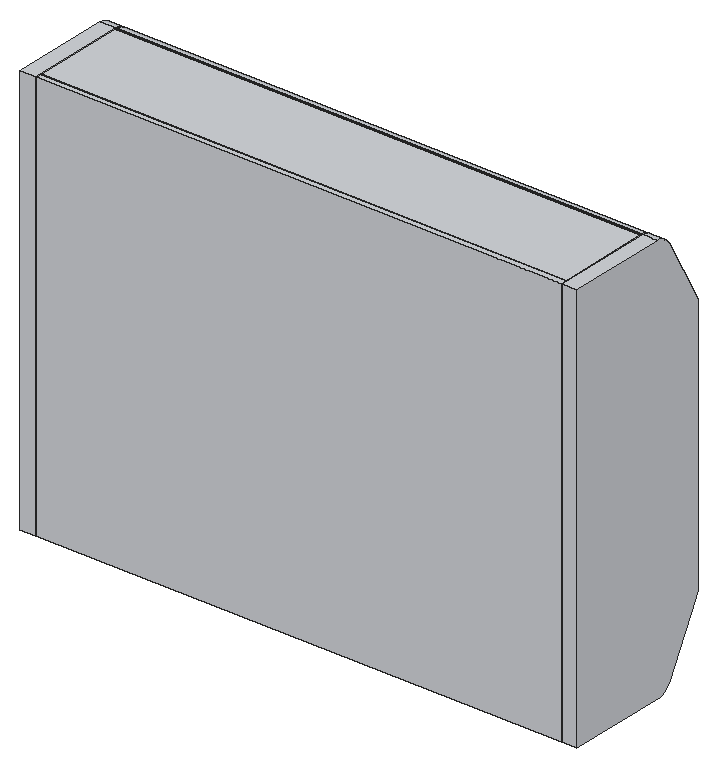
Revit family "Caspian UV 90 Mk1", category Mechanical Equipment, host Wall, Revit 2015
Reference planes
  plane 1 "Wall": y = 0
  plane 2 "Center (Left/Right)": x = 0
  plane 3 "Back": y = 75
Forms (mm)
  Sweep 1, solid
    path origin (150, 0, 0) x (1, 0, 0) y (0, 1, 0)
      loop
        line (272.5, 75) -> (-572.5, 75)
    profile origin (0, 75, 0) x (0, -1, 0) y (0, 0, 1)
      loop
        arc (-183.157, 12.796) -> (-173.985, 3.435) -> (-161.338, 0) r 25
        line (-161.338, 0) -> (-159, 0) -> (-159, 10) -> (-10, 10) -> (-10, 0) -> (0, 0) -> (0, 660) -> (-10, 660) -> (-10, 650) -> (-159, 650) -> (-159, 660) -> (-161.338, 660)
        arc (-161.338, 660) -> (-173.985, 656.565) -> (-183.157, 647.204) r 25
        line (-183.157, 647.204) -> (-238.819, 547.687)
        arc (-238.819, 547.687) -> (-241.192, 541.789) -> (-242, 535.484) r 25
        line (-242, 535.484) -> (-232, 535.484) -> (-232, 124.516) -> (-242, 124.516)
        arc (-242, 124.516) -> (-241.192, 118.211) -> (-238.819, 112.313) r 25
        line (-238.819, 112.313) -> (-183.157, 12.796)
  Extrusion 2, solid
    sketch origin (150, -20.181, 22.926) x (1, 0, 0) y (0, 1, 0)
      loop
        circle (252.5, 161.181) r 7.5
    from 251.074 to 317.074
  Extrusion 3, solid
    sketch origin (150, 89.819, 22.926) x (1, 0, 0) y (0, 1, 0)
      loop
        circle (252.5, 161.181) r 7.5
    from 251.074 to 317.074
  Sweep 4, solid
    path origin (435, 0, 0) x (-1, 0, 0) y (0, -1, 0)
      loop
        line (12.5, -75) -> (-12.5, -75)
    profile origin (435, 75, 0) x (0, 1, 0) y (0, 0, 1)
      loop
        line (0, 0) -> (161.338, 0)
        arc (161.338, 0) -> (173.985, 3.435) -> (183.157, 12.796) r 25
        line (183.157, 12.796) -> (238.819, 112.313)
        arc (238.819, 112.313) -> (241.192, 118.211) -> (242, 124.516) r 25
        line (242, 124.516) -> (242, 535.484)
        arc (242, 535.484) -> (241.192, 541.789) -> (238.819, 547.687) r 25
        line (238.819, 547.687) -> (183.157, 647.204)
        arc (183.157, 647.204) -> (173.985, 656.565) -> (161.338, 660) r 25
        line (161.338, 660) -> (0, 660) -> (0, 0)
  Sweep 5, solid
    path origin (150, 0, -9.273) x (1, 0, 0) y (0, 1, 0)
      loop
        line (272.5, 75) -> (-572.5, 75)
    profile origin (0, 75, -9.273) x (0, -1, 0) y (0, 0, 1)
      loop
        line (-242, 516.273) -> (-242, 162.273) -> (-232, 162.273) -> (-232, 516.273) -> (-242, 516.273)
  Sweep 6, solid
    path origin (150, 591.273, 343) x (1, 0, 0) y (0, 0, 1)
      loop
        line (272.5, 75) -> (-572.5, 75)
    profile origin (0, 591.273, 418) x (0, 0, -1) y (0, -1, 0)
      loop
        line (-242, 506.273) -> (-242, 357.273) -> (-232, 357.273) -> (-232, 506.273) -> (-242, 506.273)
  Sweep 7, solid
    path origin (150, 591.273, -307) x (1, 0, 0) y (0, 0, 1)
      loop
        line (272.5, 75) -> (-572.5, 75)
    profile origin (0, 591.273, -232) x (0, 0, -1) y (0, -1, 0)
      loop
        line (-242, 506.273) -> (-242, 357.273) -> (-232, 357.273) -> (-232, 506.273) -> (-242, 506.273)
  Sweep 8, solid
    path origin (150, 0, 19.21) x (1, 0, 0) y (0, 1, 0)
      loop
        line (272.5, 75) -> (-572.5, 75)
    profile origin (0, 75, 19.21) x (0, -1, 0) y (0, 0, 1)
      loop
        line (-242, 516.273) -> (-242, 487.79) -> (-232, 487.79) -> (-232, 516.273) -> (-242, 516.273)
  Sweep 9, solid
    path origin (150, 0, -363.273) x (1, 0, 0) y (0, 1, 0)
      loop
        line (272.5, 75) -> (-572.5, 75)
    profile origin (0, 75, -363.273) x (0, -1, 0) y (0, 0, 1)
      loop
        line (-242, 516.273) -> (-242, 487.79) -> (-232, 487.79) -> (-232, 516.273) -> (-242, 516.273)
  Extrusion 10, solid
    sketch origin (143.75, 0, 0) x (0, 1, 0) y (0, 0, 1)
      loop
        line (310.877, 552.946) -> (263.621, 637.435) -> (261.439, 636.214) -> (308.696, 551.726) -> (310.877, 552.946)
    from 247.5 to 250
  Extrusion 11, solid
    sketch origin (138.75, 0, 0) x (0, 1, 0) y (0, 0, 1)
      loop
        line (310.877, 552.946) -> (263.621, 637.435) -> (261.439, 636.214) -> (308.696, 551.726) -> (310.877, 552.946)
    from 247.5 to 250
  Extrusion 12, solid
    sketch origin (133.75, 0, 0) x (0, 1, 0) y (0, 0, 1)
      loop
        line (310.877, 552.946) -> (263.621, 637.435) -> (261.439, 636.214) -> (308.696, 551.726) -> (310.877, 552.946)
    from 247.5 to 250
  Extrusion 13, solid
    sketch origin (128.75, 0, 0) x (0, 1, 0) y (0, 0, 1)
      loop
        line (310.877, 552.946) -> (263.621, 637.435) -> (261.439, 636.214) -> (308.696, 551.726) -> (310.877, 552.946)
    from 247.5 to 250
  Extrusion 14, solid
    sketch origin (123.75, 0, 0) x (0, 1, 0) y (0, 0, 1)
      loop
        line (310.877, 552.946) -> (263.621, 637.435) -> (261.439, 636.214) -> (308.696, 551.726) -> (310.877, 552.946)
    from 247.5 to 250
  Extrusion 15, solid
    sketch origin (118.75, 0, 0) x (0, 1, 0) y (0, 0, 1)
      loop
        line (310.877, 552.946) -> (263.621, 637.435) -> (261.439, 636.214) -> (308.696, 551.726) -> (310.877, 552.946)
    from 247.5 to 250
  Extrusion 16, solid
    sketch origin (113.75, 0, 0) x (0, 1, 0) y (0, 0, 1)
      loop
        line (310.877, 552.946) -> (263.621, 637.435) -> (261.439, 636.214) -> (308.696, 551.726) -> (310.877, 552.946)
    from 247.5 to 250
  Extrusion 17, solid
    sketch origin (108.75, 0, 0) x (0, 1, 0) y (0, 0, 1)
      loop
        line (310.877, 552.946) -> (263.621, 637.435) -> (261.439, 636.214) -> (308.696, 551.726) -> (310.877, 552.946)
    from 247.5 to 250
  Extrusion 18, solid
    sketch origin (103.75, 0, 0) x (0, 1, 0) y (0, 0, 1)
      loop
        line (310.877, 552.946) -> (263.621, 637.435) -> (261.439, 636.214) -> (308.696, 551.726) -> (310.877, 552.946)
    from 247.5 to 250
  Extrusion 19, solid
    sketch origin (98.75, 0, 0) x (0, 1, 0) y (0, 0, 1)
      loop
        line (310.877, 552.946) -> (263.621, 637.435) -> (261.439, 636.214) -> (308.696, 551.726) -> (310.877, 552.946)
    from 247.5 to 250
  Extrusion 20, solid
    sketch origin (93.75, 0, 0) x (0, 1, 0) y (0, 0, 1)
      loop
        line (310.877, 552.946) -> (263.621, 637.435) -> (261.439, 636.214) -> (308.696, 551.726) -> (310.877, 552.946)
    from 247.5 to 250
  Extrusion 21, solid
    sketch origin (88.75, 0, 0) x (0, 1, 0) y (0, 0, 1)
      loop
        line (310.877, 552.946) -> (263.621, 637.435) -> (261.439, 636.214) -> (308.696, 551.726) -> (310.877, 552.946)
    from 247.5 to 250
  Extrusion 22, solid
    sketch origin (83.75, 0, 0) x (0, 1, 0) y (0, 0, 1)
      loop
        line (310.877, 552.946) -> (263.621, 637.435) -> (261.439, 636.214) -> (308.696, 551.726) -> (310.877, 552.946)
    from 247.5 to 250
  Extrusion 23, solid
    sketch origin (78.75, 0, 0) x (0, 1, 0) y (0, 0, 1)
      loop
        line (310.877, 552.946) -> (263.621, 637.435) -> (261.439, 636.214) -> (308.696, 551.726) -> (310.877, 552.946)
    from 247.5 to 250
  Extrusion 24, solid
    sketch origin (73.75, 0, 0) x (0, 1, 0) y (0, 0, 1)
      loop
        line (310.877, 552.946) -> (263.621, 637.435) -> (261.439, 636.214) -> (308.696, 551.726) -> (310.877, 552.946)
    from 247.5 to 250
  Extrusion 25, solid
    sketch origin (68.75, 0, 0) x (0, 1, 0) y (0, 0, 1)
      loop
        line (310.877, 552.946) -> (263.621, 637.435) -> (261.439, 636.214) -> (308.696, 551.726) -> (310.877, 552.946)
    from 247.5 to 250
  Extrusion 26, solid
    sketch origin (63.75, 0, 0) x (0, 1, 0) y (0, 0, 1)
      loop
        line (310.877, 552.946) -> (263.621, 637.435) -> (261.439, 636.214) -> (308.696, 551.726) -> (310.877, 552.946)
    from 247.5 to 250
  Extrusion 27, solid
    sketch origin (58.75, 0, 0) x (0, 1, 0) y (0, 0, 1)
      loop
        line (310.877, 552.946) -> (263.621, 637.435) -> (261.439, 636.214) -> (308.696, 551.726) -> (310.877, 552.946)
    from 247.5 to 250
  Extrusion 28, solid
    sketch origin (53.75, 0, 0) x (0, 1, 0) y (0, 0, 1)
      loop
        line (310.877, 552.946) -> (263.621, 637.435) -> (261.439, 636.214) -> (308.696, 551.726) -> (310.877, 552.946)
    from 247.5 to 250
  Extrusion 29, solid
    sketch origin (48.75, 0, 0) x (0, 1, 0) y (0, 0, 1)
      loop
        line (310.877, 552.946) -> (263.621, 637.435) -> (261.439, 636.214) -> (308.696, 551.726) -> (310.877, 552.946)
    from 247.5 to 250
  Extrusion 30, solid
    sketch origin (43.75, 0, 0) x (0, 1, 0) y (0, 0, 1)
      loop
        line (310.877, 552.946) -> (263.621, 637.435) -> (261.439, 636.214) -> (308.696, 551.726) -> (310.877, 552.946)
    from 247.5 to 250
  Extrusion 31, solid
    sketch origin (38.75, 0, 0) x (0, 1, 0) y (0, 0, 1)
      loop
        line (310.877, 552.946) -> (263.621, 637.435) -> (261.439, 636.214) -> (308.696, 551.726) -> (310.877, 552.946)
    from 247.5 to 250
  Extrusion 32, solid
    sketch origin (33.75, 0, 0) x (0, 1, 0) y (0, 0, 1)
      loop
        line (310.877, 552.946) -> (263.621, 637.435) -> (261.439, 636.214) -> (308.696, 551.726) -> (310.877, 552.946)
    from 247.5 to 250
  Extrusion 33, solid
    sketch origin (28.75, 0, 0) x (0, 1, 0) y (0, 0, 1)
      loop
        line (310.877, 552.946) -> (263.621, 637.435) -> (261.439, 636.214) -> (308.696, 551.726) -> (310.877, 552.946)
    from 247.5 to 250
  Extrusion 34, solid
    sketch origin (23.75, 0, 0) x (0, 1, 0) y (0, 0, 1)
      loop
        line (310.877, 552.946) -> (263.621, 637.435) -> (261.439, 636.214) -> (308.696, 551.726) -> (310.877, 552.946)
    from 247.5 to 250
  Extrusion 35, solid
    sketch origin (18.75, 0, 0) x (0, 1, 0) y (0, 0, 1)
      loop
        line (310.877, 552.946) -> (263.621, 637.435) -> (261.439, 636.214) -> (308.696, 551.726) -> (310.877, 552.946)
    from 247.5 to 250
  Extrusion 36, solid
    sketch origin (13.75, 0, 0) x (0, 1, 0) y (0, 0, 1)
      loop
        line (310.877, 552.946) -> (263.621, 637.435) -> (261.439, 636.214) -> (308.696, 551.726) -> (310.877, 552.946)
    from 247.5 to 250
  Extrusion 37, solid
    sketch origin (8.75, 0, 0) x (0, 1, 0) y (0, 0, 1)
      loop
        line (310.877, 552.946) -> (263.621, 637.435) -> (261.439, 636.214) -> (308.696, 551.726) -> (310.877, 552.946)
    from 247.5 to 250
  Extrusion 38, solid
    sketch origin (3.75, 0, 0) x (0, 1, 0) y (0, 0, 1)
      loop
        line (310.877, 552.946) -> (263.621, 637.435) -> (261.439, 636.214) -> (308.696, 551.726) -> (310.877, 552.946)
    from 247.5 to 250
  Extrusion 39, solid
    sketch origin (-1.25, 0, 0) x (0, 1, 0) y (0, 0, 1)
      loop
        line (310.877, 552.946) -> (263.621, 637.435) -> (261.439, 636.214) -> (308.696, 551.726) -> (310.877, 552.946)
    from 247.5 to 250
  Extrusion 40, solid
    sketch origin (-6.25, 0, 0) x (0, 1, 0) y (0, 0, 1)
      loop
        line (310.877, 552.946) -> (263.621, 637.435) -> (261.439, 636.214) -> (308.696, 551.726) -> (310.877, 552.946)
    from 247.5 to 250
  Extrusion 41, solid
    sketch origin (-11.25, 0, 0) x (0, 1, 0) y (0, 0, 1)
      loop
        line (310.877, 552.946) -> (263.621, 637.435) -> (261.439, 636.214) -> (308.696, 551.726) -> (310.877, 552.946)
    from 247.5 to 250
  Extrusion 42, solid
    sketch origin (-16.25, 0, 0) x (0, 1, 0) y (0, 0, 1)
      loop
        line (310.877, 552.946) -> (263.621, 637.435) -> (261.439, 636.214) -> (308.696, 551.726) -> (310.877, 552.946)
    from 247.5 to 250
  Extrusion 43, solid
    sketch origin (-21.25, 0, 0) x (0, 1, 0) y (0, 0, 1)
      loop
        line (310.877, 552.946) -> (263.621, 637.435) -> (261.439, 636.214) -> (308.696, 551.726) -> (310.877, 552.946)
    from 247.5 to 250
  Extrusion 44, solid
    sketch origin (-26.25, 0, 0) x (0, 1, 0) y (0, 0, 1)
      loop
        line (310.877, 552.946) -> (263.621, 637.435) -> (261.439, 636.214) -> (308.696, 551.726) -> (310.877, 552.946)
    from 247.5 to 250
  Extrusion 45, solid
    sketch origin (-31.25, 0, 0) x (0, 1, 0) y (0, 0, 1)
      loop
        line (310.877, 552.946) -> (263.621, 637.435) -> (261.439, 636.214) -> (308.696, 551.726) -> (310.877, 552.946)
    from 247.5 to 250
  Extrusion 46, solid
    sketch origin (-36.25, 0, 0) x (0, 1, 0) y (0, 0, 1)
      loop
        line (310.877, 552.946) -> (263.621, 637.435) -> (261.439, 636.214) -> (308.696, 551.726) -> (310.877, 552.946)
    from 247.5 to 250
  Extrusion 47, solid
    sketch origin (-41.25, 0, 0) x (0, 1, 0) y (0, 0, 1)
      loop
        line (310.877, 552.946) -> (263.621, 637.435) -> (261.439, 636.214) -> (308.696, 551.726) -> (310.877, 552.946)
    from 247.5 to 250
  Extrusion 48, solid
    sketch origin (-46.25, 0, 0) x (0, 1, 0) y (0, 0, 1)
      loop
        line (310.877, 552.946) -> (263.621, 637.435) -> (261.439, 636.214) -> (308.696, 551.726) -> (310.877, 552.946)
    from 247.5 to 250
  Extrusion 49, solid
    sketch origin (-51.25, 0, 0) x (0, 1, 0) y (0, 0, 1)
      loop
        line (310.877, 552.946) -> (263.621, 637.435) -> (261.439, 636.214) -> (308.696, 551.726) -> (310.877, 552.946)
    from 247.5 to 250
  Extrusion 50, solid
    sketch origin (-56.25, 0, 0) x (0, 1, 0) y (0, 0, 1)
      loop
        line (310.877, 552.946) -> (263.621, 637.435) -> (261.439, 636.214) -> (308.696, 551.726) -> (310.877, 552.946)
    from 247.5 to 250
  Extrusion 51, solid
    sketch origin (-61.25, 0, 0) x (0, 1, 0) y (0, 0, 1)
      loop
        line (310.877, 552.946) -> (263.621, 637.435) -> (261.439, 636.214) -> (308.696, 551.726) -> (310.877, 552.946)
    from 247.5 to 250
  Extrusion 52, solid
    sketch origin (-66.25, 0, 0) x (0, 1, 0) y (0, 0, 1)
      loop
        line (310.877, 552.946) -> (263.621, 637.435) -> (261.439, 636.214) -> (308.696, 551.726) -> (310.877, 552.946)
    from 247.5 to 250
  Extrusion 53, solid
    sketch origin (-71.25, 0, 0) x (0, 1, 0) y (0, 0, 1)
      loop
        line (310.877, 552.946) -> (263.621, 637.435) -> (261.439, 636.214) -> (308.696, 551.726) -> (310.877, 552.946)
    from 247.5 to 250
  Extrusion 54, solid
    sketch origin (-76.25, 0, 0) x (0, 1, 0) y (0, 0, 1)
      loop
        line (310.877, 552.946) -> (263.621, 637.435) -> (261.439, 636.214) -> (308.696, 551.726) -> (310.877, 552.946)
    from 247.5 to 250
  Extrusion 55, solid
    sketch origin (-81.25, 0, 0) x (0, 1, 0) y (0, 0, 1)
      loop
        line (310.877, 552.946) -> (263.621, 637.435) -> (261.439, 636.214) -> (308.696, 551.726) -> (310.877, 552.946)
    from 247.5 to 250
  Extrusion 56, solid
    sketch origin (-86.25, 0, 0) x (0, 1, 0) y (0, 0, 1)
      loop
        line (310.877, 552.946) -> (263.621, 637.435) -> (261.439, 636.214) -> (308.696, 551.726) -> (310.877, 552.946)
    from 247.5 to 250
  Extrusion 57, solid
    sketch origin (-91.231, 0.436, 0) x (0, 1, 0) y (0, 0, 1)
      loop
        line (310.877, 552.946) -> (263.621, 637.435) -> (261.439, 636.214) -> (308.696, 551.726) -> (310.877, 552.946)
    from 247.5 to 250
  Extrusion 58, solid
    sketch origin (-96.231, 0.436, 0) x (0, 1, 0) y (0, 0, 1)
      loop
        line (310.877, 552.946) -> (263.621, 637.435) -> (261.439, 636.214) -> (308.696, 551.726) -> (310.877, 552.946)
    from 247.5 to 250
  Extrusion 59, solid
    sketch origin (-101.231, 0.436, 0) x (0, 1, 0) y (0, 0, 1)
      loop
        line (310.877, 552.946) -> (263.621, 637.435) -> (261.439, 636.214) -> (308.696, 551.726) -> (310.877, 552.946)
    from 247.5 to 250
  Extrusion 60, solid
    sketch origin (-106.231, 0.436, 0) x (0, 1, 0) y (0, 0, 1)
      loop
        line (310.877, 552.946) -> (263.621, 637.435) -> (261.439, 636.214) -> (308.696, 551.726) -> (310.877, 552.946)
    from 247.5 to 250
  Extrusion 61, solid
    sketch origin (-111.231, 0.436, 0) x (0, 1, 0) y (0, 0, 1)
      loop
        line (310.877, 552.946) -> (263.621, 637.435) -> (261.439, 636.214) -> (308.696, 551.726) -> (310.877, 552.946)
    from 247.5 to 250
  Extrusion 62, solid
    sketch origin (-116.231, 0.436, 0) x (0, 1, 0) y (0, 0, 1)
      loop
        line (310.877, 552.946) -> (263.621, 637.435) -> (261.439, 636.214) -> (308.696, 551.726) -> (310.877, 552.946)
    from 247.5 to 250
  Extrusion 63, solid
    sketch origin (-121.231, 0.436, 0) x (0, 1, 0) y (0, 0, 1)
      loop
        line (310.877, 552.946) -> (263.621, 637.435) -> (261.439, 636.214) -> (308.696, 551.726) -> (310.877, 552.946)
    from 247.5 to 250
  Extrusion 64, solid
    sketch origin (-126.231, 0.436, 0) x (0, 1, 0) y (0, 0, 1)
      loop
        line (310.877, 552.946) -> (263.621, 637.435) -> (261.439, 636.214) -> (308.696, 551.726) -> (310.877, 552.946)
    from 247.5 to 250
  Extrusion 65, solid
    sketch origin (-131.231, 0.436, 0) x (0, 1, 0) y (0, 0, 1)
      loop
        line (310.877, 552.946) -> (263.621, 637.435) -> (261.439, 636.214) -> (308.696, 551.726) -> (310.877, 552.946)
    from 247.5 to 250
  Extrusion 66, solid
    sketch origin (-136.231, 0.436, 0) x (0, 1, 0) y (0, 0, 1)
      loop
        line (310.877, 552.946) -> (263.621, 637.435) -> (261.439, 636.214) -> (308.696, 551.726) -> (310.877, 552.946)
    from 247.5 to 250
  Extrusion 67, solid
    sketch origin (-141.231, 0.436, 0) x (0, 1, 0) y (0, 0, 1)
      loop
        line (310.877, 552.946) -> (263.621, 637.435) -> (261.439, 636.214) -> (308.696, 551.726) -> (310.877, 552.946)
    from 247.5 to 250
  Extrusion 68, solid
    sketch origin (-146.231, 0.436, 0) x (0, 1, 0) y (0, 0, 1)
      loop
        line (310.877, 552.946) -> (263.621, 637.435) -> (261.439, 636.214) -> (308.696, 551.726) -> (310.877, 552.946)
    from 247.5 to 250
  Extrusion 69, solid
    sketch origin (-151.231, 0.436, 0) x (0, 1, 0) y (0, 0, 1)
      loop
        line (310.877, 552.946) -> (263.621, 637.435) -> (261.439, 636.214) -> (308.696, 551.726) -> (310.877, 552.946)
    from 247.5 to 250
  Extrusion 70, solid
    sketch origin (-156.231, 0.436, 0) x (0, 1, 0) y (0, 0, 1)
      loop
        line (310.877, 552.946) -> (263.621, 637.435) -> (261.439, 636.214) -> (308.696, 551.726) -> (310.877, 552.946)
    from 247.5 to 250
  Extrusion 71, solid
    sketch origin (-161.231, 0.436, 0) x (0, 1, 0) y (0, 0, 1)
      loop
        line (310.877, 552.946) -> (263.621, 637.435) -> (261.439, 636.214) -> (308.696, 551.726) -> (310.877, 552.946)
    from 247.5 to 250
  Extrusion 72, solid
    sketch origin (-166.231, 0.436, 0) x (0, 1, 0) y (0, 0, 1)
      loop
        line (310.877, 552.946) -> (263.621, 637.435) -> (261.439, 636.214) -> (308.696, 551.726) -> (310.877, 552.946)
    from 247.5 to 250
  Extrusion 73, solid
    sketch origin (-171.231, 0.436, 0) x (0, 1, 0) y (0, 0, 1)
      loop
        line (310.877, 552.946) -> (263.621, 637.435) -> (261.439, 636.214) -> (308.696, 551.726) -> (310.877, 552.946)
    from 247.5 to 250
  Extrusion 74, solid
    sketch origin (-176.231, 0.436, 0) x (0, 1, 0) y (0, 0, 1)
      loop
        line (310.877, 552.946) -> (263.621, 637.435) -> (261.439, 636.214) -> (308.696, 551.726) -> (310.877, 552.946)
    from 247.5 to 250
  Extrusion 75, solid
    sketch origin (-181.231, 0.436, 0) x (0, 1, 0) y (0, 0, 1)
      loop
        line (310.877, 552.946) -> (263.621, 637.435) -> (261.439, 636.214) -> (308.696, 551.726) -> (310.877, 552.946)
    from 247.5 to 250
  Extrusion 76, solid
    sketch origin (-186.231, 0.436, 0) x (0, 1, 0) y (0, 0, 1)
      loop
        line (310.877, 552.946) -> (263.621, 637.435) -> (261.439, 636.214) -> (308.696, 551.726) -> (310.877, 552.946)
    from 247.5 to 250
  Extrusion 77, solid
    sketch origin (-191.231, 0.436, 0) x (0, 1, 0) y (0, 0, 1)
      loop
        line (310.877, 552.946) -> (263.621, 637.435) -> (261.439, 636.214) -> (308.696, 551.726) -> (310.877, 552.946)
    from 247.5 to 250
  Extrusion 78, solid
    sketch origin (-196.231, 0.436, 0) x (0, 1, 0) y (0, 0, 1)
      loop
        line (310.877, 552.946) -> (263.621, 637.435) -> (261.439, 636.214) -> (308.696, 551.726) -> (310.877, 552.946)
    from 247.5 to 250
  Extrusion 79, solid
    sketch origin (-201.231, 0.436, 0) x (0, 1, 0) y (0, 0, 1)
      loop
        line (310.877, 552.946) -> (263.621, 637.435) -> (261.439, 636.214) -> (308.696, 551.726) -> (310.877, 552.946)
    from 247.5 to 250
  Extrusion 80, solid
    sketch origin (-206.231, 0.436, 0) x (0, 1, 0) y (0, 0, 1)
      loop
        line (310.877, 552.946) -> (263.621, 637.435) -> (261.439, 636.214) -> (308.696, 551.726) -> (310.877, 552.946)
    from 247.5 to 250
  Extrusion 81, solid
    sketch origin (-211.231, 0.436, 0) x (0, 1, 0) y (0, 0, 1)
      loop
        line (310.877, 552.946) -> (263.621, 637.435) -> (261.439, 636.214) -> (308.696, 551.726) -> (310.877, 552.946)
    from 247.5 to 250
  Extrusion 82, solid
    sketch origin (-216.231, 0.436, 0) x (0, 1, 0) y (0, 0, 1)
      loop
        line (310.877, 552.946) -> (263.621, 637.435) -> (261.439, 636.214) -> (308.696, 551.726) -> (310.877, 552.946)
    from 247.5 to 250
  Extrusion 83, solid
    sketch origin (-221.231, 0.436, 0) x (0, 1, 0) y (0, 0, 1)
      loop
        line (310.877, 552.946) -> (263.621, 637.435) -> (261.439, 636.214) -> (308.696, 551.726) -> (310.877, 552.946)
    from 247.5 to 250
  Extrusion 84, solid
    sketch origin (-226.231, 0.436, 0) x (0, 1, 0) y (0, 0, 1)
      loop
        line (310.877, 552.946) -> (263.621, 637.435) -> (261.439, 636.214) -> (308.696, 551.726) -> (310.877, 552.946)
    from 247.5 to 250
  Extrusion 85, solid
    sketch origin (-231.231, 0.436, 0) x (0, 1, 0) y (0, 0, 1)
      loop
        line (310.877, 552.946) -> (263.621, 637.435) -> (261.439, 636.214) -> (308.696, 551.726) -> (310.877, 552.946)
    from 247.5 to 250
  Extrusion 86, solid
    sketch origin (-236.231, 0.436, 0) x (0, 1, 0) y (0, 0, 1)
      loop
        line (310.877, 552.946) -> (263.621, 637.435) -> (261.439, 636.214) -> (308.696, 551.726) -> (310.877, 552.946)
    from 247.5 to 250
  Extrusion 87, solid
    sketch origin (-241.231, 0.436, 0) x (0, 1, 0) y (0, 0, 1)
      loop
        line (310.877, 552.946) -> (263.621, 637.435) -> (261.439, 636.214) -> (308.696, 551.726) -> (310.877, 552.946)
    from 247.5 to 250
  Extrusion 88, solid
    sketch origin (-246.231, 0.436, 0) x (0, 1, 0) y (0, 0, 1)
      loop
        line (310.877, 552.946) -> (263.621, 637.435) -> (261.439, 636.214) -> (308.696, 551.726) -> (310.877, 552.946)
    from 247.5 to 250
  Extrusion 89, solid
    sketch origin (143.75, 0, 660) x (0, 1, 0) y (0, 0, 1)
      loop
        line (310.877, -552.946) -> (308.696, -551.726) -> (261.439, -636.214) -> (263.621, -637.435) -> (310.877, -552.946)
    from 247.5 to 250
  Extrusion 90, solid
    sketch origin (138.75, 0, 660) x (0, 1, 0) y (0, 0, 1)
      loop
        line (310.877, -552.946) -> (308.696, -551.726) -> (261.439, -636.214) -> (263.621, -637.435) -> (310.877, -552.946)
    from 247.5 to 250
  Extrusion 91, solid
    sketch origin (133.75, 0, 660) x (0, 1, 0) y (0, 0, 1)
      loop
        line (310.877, -552.946) -> (308.696, -551.726) -> (261.439, -636.214) -> (263.621, -637.435) -> (310.877, -552.946)
    from 247.5 to 250
  Extrusion 92, solid
    sketch origin (128.75, 0, 660) x (0, 1, 0) y (0, 0, 1)
      loop
        line (310.877, -552.946) -> (308.696, -551.726) -> (261.439, -636.214) -> (263.621, -637.435) -> (310.877, -552.946)
    from 247.5 to 250
  Extrusion 93, solid
    sketch origin (123.75, 0, 660) x (0, 1, 0) y (0, 0, 1)
      loop
        line (310.877, -552.946) -> (308.696, -551.726) -> (261.439, -636.214) -> (263.621, -637.435) -> (310.877, -552.946)
    from 247.5 to 250
  Extrusion 94, solid
    sketch origin (118.75, 0, 660) x (0, 1, 0) y (0, 0, 1)
      loop
        line (310.877, -552.946) -> (308.696, -551.726) -> (261.439, -636.214) -> (263.621, -637.435) -> (310.877, -552.946)
    from 247.5 to 250
  Extrusion 95, solid
    sketch origin (113.75, 0, 660) x (0, 1, 0) y (0, 0, 1)
      loop
        line (310.877, -552.946) -> (308.696, -551.726) -> (261.439, -636.214) -> (263.621, -637.435) -> (310.877, -552.946)
    from 247.5 to 250
  Extrusion 96, solid
    sketch origin (108.75, 0, 660) x (0, 1, 0) y (0, 0, 1)
      loop
        line (310.877, -552.946) -> (308.696, -551.726) -> (261.439, -636.214) -> (263.621, -637.435) -> (310.877, -552.946)
    from 247.5 to 250
  Extrusion 97, solid
    sketch origin (103.75, 0, 660) x (0, 1, 0) y (0, 0, 1)
      loop
        line (310.877, -552.946) -> (308.696, -551.726) -> (261.439, -636.214) -> (263.621, -637.435) -> (310.877, -552.946)
    from 247.5 to 250
  Extrusion 98, solid
    sketch origin (98.75, 0, 660) x (0, 1, 0) y (0, 0, 1)
      loop
        line (310.877, -552.946) -> (308.696, -551.726) -> (261.439, -636.214) -> (263.621, -637.435) -> (310.877, -552.946)
    from 247.5 to 250
  Extrusion 99, solid
    sketch origin (93.75, 0, 660) x (0, 1, 0) y (0, 0, 1)
      loop
        line (310.877, -552.946) -> (308.696, -551.726) -> (261.439, -636.214) -> (263.621, -637.435) -> (310.877, -552.946)
    from 247.5 to 250
  Extrusion 100, solid
    sketch origin (88.75, 0, 660) x (0, 1, 0) y (0, 0, 1)
      loop
        line (310.877, -552.946) -> (308.696, -551.726) -> (261.439, -636.214) -> (263.621, -637.435) -> (310.877, -552.946)
    from 247.5 to 250
  Extrusion 101, solid
    sketch origin (83.75, 0, 660) x (0, 1, 0) y (0, 0, 1)
      loop
        line (310.877, -552.946) -> (308.696, -551.726) -> (261.439, -636.214) -> (263.621, -637.435) -> (310.877, -552.946)
    from 247.5 to 250
  Extrusion 102, solid
    sketch origin (78.75, 0, 660) x (0, 1, 0) y (0, 0, 1)
      loop
        line (310.877, -552.946) -> (308.696, -551.726) -> (261.439, -636.214) -> (263.621, -637.435) -> (310.877, -552.946)
    from 247.5 to 250
  Extrusion 103, solid
    sketch origin (73.75, 0, 660) x (0, 1, 0) y (0, 0, 1)
      loop
        line (310.877, -552.946) -> (308.696, -551.726) -> (261.439, -636.214) -> (263.621, -637.435) -> (310.877, -552.946)
    from 247.5 to 250
  Extrusion 104, solid
    sketch origin (68.75, 0, 660) x (0, 1, 0) y (0, 0, 1)
      loop
        line (310.877, -552.946) -> (308.696, -551.726) -> (261.439, -636.214) -> (263.621, -637.435) -> (310.877, -552.946)
    from 247.5 to 250
  Extrusion 105, solid
    sketch origin (63.75, 0, 660) x (0, 1, 0) y (0, 0, 1)
      loop
        line (310.877, -552.946) -> (308.696, -551.726) -> (261.439, -636.214) -> (263.621, -637.435) -> (310.877, -552.946)
    from 247.5 to 250
  Extrusion 106, solid
    sketch origin (58.75, 0, 660) x (0, 1, 0) y (0, 0, 1)
      loop
        line (310.877, -552.946) -> (308.696, -551.726) -> (261.439, -636.214) -> (263.621, -637.435) -> (310.877, -552.946)
    from 247.5 to 250
  Extrusion 107, solid
    sketch origin (53.75, 0, 660) x (0, 1, 0) y (0, 0, 1)
      loop
        line (310.877, -552.946) -> (308.696, -551.726) -> (261.439, -636.214) -> (263.621, -637.435) -> (310.877, -552.946)
    from 247.5 to 250
  Extrusion 108, solid
    sketch origin (48.75, 0, 660) x (0, 1, 0) y (0, 0, 1)
      loop
        line (310.877, -552.946) -> (308.696, -551.726) -> (261.439, -636.214) -> (263.621, -637.435) -> (310.877, -552.946)
    from 247.5 to 250
  Extrusion 109, solid
    sketch origin (43.75, 0, 660) x (0, 1, 0) y (0, 0, 1)
      loop
        line (310.877, -552.946) -> (308.696, -551.726) -> (261.439, -636.214) -> (263.621, -637.435) -> (310.877, -552.946)
    from 247.5 to 250
  Extrusion 110, solid
    sketch origin (38.75, 0, 660) x (0, 1, 0) y (0, 0, 1)
      loop
        line (310.877, -552.946) -> (308.696, -551.726) -> (261.439, -636.214) -> (263.621, -637.435) -> (310.877, -552.946)
    from 247.5 to 250
  Extrusion 111, solid
    sketch origin (33.75, 0, 660) x (0, 1, 0) y (0, 0, 1)
      loop
        line (310.877, -552.946) -> (308.696, -551.726) -> (261.439, -636.214) -> (263.621, -637.435) -> (310.877, -552.946)
    from 247.5 to 250
  Extrusion 112, solid
    sketch origin (28.75, 0, 660) x (0, 1, 0) y (0, 0, 1)
      loop
        line (310.877, -552.946) -> (308.696, -551.726) -> (261.439, -636.214) -> (263.621, -637.435) -> (310.877, -552.946)
    from 247.5 to 250
  Extrusion 113, solid
    sketch origin (23.75, 0, 660) x (0, 1, 0) y (0, 0, 1)
      loop
        line (310.877, -552.946) -> (308.696, -551.726) -> (261.439, -636.214) -> (263.621, -637.435) -> (310.877, -552.946)
    from 247.5 to 250
  Extrusion 114, solid
    sketch origin (18.75, 0, 660) x (0, 1, 0) y (0, 0, 1)
      loop
        line (310.877, -552.946) -> (308.696, -551.726) -> (261.439, -636.214) -> (263.621, -637.435) -> (310.877, -552.946)
    from 247.5 to 250
  Extrusion 115, solid
    sketch origin (13.75, 0, 660) x (0, 1, 0) y (0, 0, 1)
      loop
        line (310.877, -552.946) -> (308.696, -551.726) -> (261.439, -636.214) -> (263.621, -637.435) -> (310.877, -552.946)
    from 247.5 to 250
  Extrusion 116, solid
    sketch origin (8.75, 0, 660) x (0, 1, 0) y (0, 0, 1)
      loop
        line (310.877, -552.946) -> (308.696, -551.726) -> (261.439, -636.214) -> (263.621, -637.435) -> (310.877, -552.946)
    from 247.5 to 250
  Extrusion 117, solid
    sketch origin (3.75, 0, 660) x (0, 1, 0) y (0, 0, 1)
      loop
        line (310.877, -552.946) -> (308.696, -551.726) -> (261.439, -636.214) -> (263.621, -637.435) -> (310.877, -552.946)
    from 247.5 to 250
  Extrusion 118, solid
    sketch origin (-1.25, 0, 660) x (0, 1, 0) y (0, 0, 1)
      loop
        line (310.877, -552.946) -> (308.696, -551.726) -> (261.439, -636.214) -> (263.621, -637.435) -> (310.877, -552.946)
    from 247.5 to 250
  Extrusion 119, solid
    sketch origin (-6.25, 0, 660) x (0, 1, 0) y (0, 0, 1)
      loop
        line (310.877, -552.946) -> (308.696, -551.726) -> (261.439, -636.214) -> (263.621, -637.435) -> (310.877, -552.946)
    from 247.5 to 250
  Extrusion 120, solid
    sketch origin (-11.25, 0, 660) x (0, 1, 0) y (0, 0, 1)
      loop
        line (310.877, -552.946) -> (308.696, -551.726) -> (261.439, -636.214) -> (263.621, -637.435) -> (310.877, -552.946)
    from 247.5 to 250
  Extrusion 121, solid
    sketch origin (-16.25, 0, 660) x (0, 1, 0) y (0, 0, 1)
      loop
        line (310.877, -552.946) -> (308.696, -551.726) -> (261.439, -636.214) -> (263.621, -637.435) -> (310.877, -552.946)
    from 247.5 to 250
  Extrusion 122, solid
    sketch origin (-21.25, 0, 660) x (0, 1, 0) y (0, 0, 1)
      loop
        line (310.877, -552.946) -> (308.696, -551.726) -> (261.439, -636.214) -> (263.621, -637.435) -> (310.877, -552.946)
    from 247.5 to 250
  Extrusion 123, solid
    sketch origin (-26.25, 0, 660) x (0, 1, 0) y (0, 0, 1)
      loop
        line (310.877, -552.946) -> (308.696, -551.726) -> (261.439, -636.214) -> (263.621, -637.435) -> (310.877, -552.946)
    from 247.5 to 250
  Extrusion 124, solid
    sketch origin (-31.25, 0, 660) x (0, 1, 0) y (0, 0, 1)
      loop
        line (310.877, -552.946) -> (308.696, -551.726) -> (261.439, -636.214) -> (263.621, -637.435) -> (310.877, -552.946)
    from 247.5 to 250
  Extrusion 125, solid
    sketch origin (-36.25, 0, 660) x (0, 1, 0) y (0, 0, 1)
      loop
        line (310.877, -552.946) -> (308.696, -551.726) -> (261.439, -636.214) -> (263.621, -637.435) -> (310.877, -552.946)
    from 247.5 to 250
  Extrusion 126, solid
    sketch origin (-41.25, 0, 660) x (0, 1, 0) y (0, 0, 1)
      loop
        line (310.877, -552.946) -> (308.696, -551.726) -> (261.439, -636.214) -> (263.621, -637.435) -> (310.877, -552.946)
    from 247.5 to 250
  Extrusion 127, solid
    sketch origin (-46.25, 0, 660) x (0, 1, 0) y (0, 0, 1)
      loop
        line (310.877, -552.946) -> (308.696, -551.726) -> (261.439, -636.214) -> (263.621, -637.435) -> (310.877, -552.946)
    from 247.5 to 250
  Extrusion 128, solid
    sketch origin (-51.25, 0, 660) x (0, 1, 0) y (0, 0, 1)
      loop
        line (310.877, -552.946) -> (308.696, -551.726) -> (261.439, -636.214) -> (263.621, -637.435) -> (310.877, -552.946)
    from 247.5 to 250
  Extrusion 129, solid
    sketch origin (-56.25, 0, 660) x (0, 1, 0) y (0, 0, 1)
      loop
        line (310.877, -552.946) -> (308.696, -551.726) -> (261.439, -636.214) -> (263.621, -637.435) -> (310.877, -552.946)
    from 247.5 to 250
  Extrusion 130, solid
    sketch origin (-61.25, 0, 660) x (0, 1, 0) y (0, 0, 1)
      loop
        line (310.877, -552.946) -> (308.696, -551.726) -> (261.439, -636.214) -> (263.621, -637.435) -> (310.877, -552.946)
    from 247.5 to 250
  Extrusion 131, solid
    sketch origin (-66.25, 0, 660) x (0, 1, 0) y (0, 0, 1)
      loop
        line (310.877, -552.946) -> (308.696, -551.726) -> (261.439, -636.214) -> (263.621, -637.435) -> (310.877, -552.946)
    from 247.5 to 250
  Extrusion 132, solid
    sketch origin (-71.25, 0, 660) x (0, 1, 0) y (0, 0, 1)
      loop
        line (310.877, -552.946) -> (308.696, -551.726) -> (261.439, -636.214) -> (263.621, -637.435) -> (310.877, -552.946)
    from 247.5 to 250
  Extrusion 133, solid
    sketch origin (-76.25, 0, 660) x (0, 1, 0) y (0, 0, 1)
      loop
        line (310.877, -552.946) -> (308.696, -551.726) -> (261.439, -636.214) -> (263.621, -637.435) -> (310.877, -552.946)
    from 247.5 to 250
  Extrusion 134, solid
    sketch origin (-81.25, 0, 660) x (0, 1, 0) y (0, 0, 1)
      loop
        line (310.877, -552.946) -> (308.696, -551.726) -> (261.439, -636.214) -> (263.621, -637.435) -> (310.877, -552.946)
    from 247.5 to 250
  Extrusion 135, solid
    sketch origin (-86.25, 0, 660) x (0, 1, 0) y (0, 0, 1)
      loop
        line (310.877, -552.946) -> (308.696, -551.726) -> (261.439, -636.214) -> (263.621, -637.435) -> (310.877, -552.946)
    from 247.5 to 250
  Extrusion 136, solid
    sketch origin (-91.231, 0.436, 660) x (0, 1, 0) y (0, 0, 1)
      loop
        line (310.877, -552.946) -> (308.696, -551.726) -> (261.439, -636.214) -> (263.621, -637.435) -> (310.877, -552.946)
    from 247.5 to 250
  Extrusion 137, solid
    sketch origin (-96.231, 0.436, 660) x (0, 1, 0) y (0, 0, 1)
      loop
        line (310.877, -552.946) -> (308.696, -551.726) -> (261.439, -636.214) -> (263.621, -637.435) -> (310.877, -552.946)
    from 247.5 to 250
  Extrusion 138, solid
    sketch origin (-101.231, 0.436, 660) x (0, 1, 0) y (0, 0, 1)
      loop
        line (310.877, -552.946) -> (308.696, -551.726) -> (261.439, -636.214) -> (263.621, -637.435) -> (310.877, -552.946)
    from 247.5 to 250
  Extrusion 139, solid
    sketch origin (-106.231, 0.436, 660) x (0, 1, 0) y (0, 0, 1)
      loop
        line (310.877, -552.946) -> (308.696, -551.726) -> (261.439, -636.214) -> (263.621, -637.435) -> (310.877, -552.946)
    from 247.5 to 250
  Extrusion 140, solid
    sketch origin (-111.231, 0.436, 660) x (0, 1, 0) y (0, 0, 1)
      loop
        line (310.877, -552.946) -> (308.696, -551.726) -> (261.439, -636.214) -> (263.621, -637.435) -> (310.877, -552.946)
    from 247.5 to 250
  Extrusion 141, solid
    sketch origin (-116.231, 0.436, 660) x (0, 1, 0) y (0, 0, 1)
      loop
        line (310.877, -552.946) -> (308.696, -551.726) -> (261.439, -636.214) -> (263.621, -637.435) -> (310.877, -552.946)
    from 247.5 to 250
  Extrusion 142, solid
    sketch origin (-121.231, 0.436, 660) x (0, 1, 0) y (0, 0, 1)
      loop
        line (310.877, -552.946) -> (308.696, -551.726) -> (261.439, -636.214) -> (263.621, -637.435) -> (310.877, -552.946)
    from 247.5 to 250
  Extrusion 143, solid
    sketch origin (-126.231, 0.436, 660) x (0, 1, 0) y (0, 0, 1)
      loop
        line (310.877, -552.946) -> (308.696, -551.726) -> (261.439, -636.214) -> (263.621, -637.435) -> (310.877, -552.946)
    from 247.5 to 250
  Extrusion 144, solid
    sketch origin (-131.231, 0.436, 660) x (0, 1, 0) y (0, 0, 1)
      loop
        line (310.877, -552.946) -> (308.696, -551.726) -> (261.439, -636.214) -> (263.621, -637.435) -> (310.877, -552.946)
    from 247.5 to 250
  Extrusion 145, solid
    sketch origin (-136.231, 0.436, 660) x (0, 1, 0) y (0, 0, 1)
      loop
        line (310.877, -552.946) -> (308.696, -551.726) -> (261.439, -636.214) -> (263.621, -637.435) -> (310.877, -552.946)
    from 247.5 to 250
  Extrusion 146, solid
    sketch origin (-141.231, 0.436, 660) x (0, 1, 0) y (0, 0, 1)
      loop
        line (310.877, -552.946) -> (308.696, -551.726) -> (261.439, -636.214) -> (263.621, -637.435) -> (310.877, -552.946)
    from 247.5 to 250
  Extrusion 147, solid
    sketch origin (-146.231, 0.436, 660) x (0, 1, 0) y (0, 0, 1)
      loop
        line (310.877, -552.946) -> (308.696, -551.726) -> (261.439, -636.214) -> (263.621, -637.435) -> (310.877, -552.946)
    from 247.5 to 250
  Extrusion 148, solid
    sketch origin (-151.231, 0.436, 660) x (0, 1, 0) y (0, 0, 1)
      loop
        line (310.877, -552.946) -> (308.696, -551.726) -> (261.439, -636.214) -> (263.621, -637.435) -> (310.877, -552.946)
    from 247.5 to 250
  Extrusion 149, solid
    sketch origin (-156.231, 0.436, 660) x (0, 1, 0) y (0, 0, 1)
      loop
        line (310.877, -552.946) -> (308.696, -551.726) -> (261.439, -636.214) -> (263.621, -637.435) -> (310.877, -552.946)
    from 247.5 to 250
  Extrusion 150, solid
    sketch origin (-161.231, 0.436, 660) x (0, 1, 0) y (0, 0, 1)
      loop
        line (310.877, -552.946) -> (308.696, -551.726) -> (261.439, -636.214) -> (263.621, -637.435) -> (310.877, -552.946)
    from 247.5 to 250
  Extrusion 151, solid
    sketch origin (-166.231, 0.436, 660) x (0, 1, 0) y (0, 0, 1)
      loop
        line (310.877, -552.946) -> (308.696, -551.726) -> (261.439, -636.214) -> (263.621, -637.435) -> (310.877, -552.946)
    from 247.5 to 250
  Extrusion 152, solid
    sketch origin (-171.231, 0.436, 660) x (0, 1, 0) y (0, 0, 1)
      loop
        line (310.877, -552.946) -> (308.696, -551.726) -> (261.439, -636.214) -> (263.621, -637.435) -> (310.877, -552.946)
    from 247.5 to 250
  Extrusion 153, solid
    sketch origin (-176.231, 0.436, 660) x (0, 1, 0) y (0, 0, 1)
      loop
        line (310.877, -552.946) -> (308.696, -551.726) -> (261.439, -636.214) -> (263.621, -637.435) -> (310.877, -552.946)
    from 247.5 to 250
  Extrusion 154, solid
    sketch origin (-181.231, 0.436, 660) x (0, 1, 0) y (0, 0, 1)
      loop
        line (310.877, -552.946) -> (308.696, -551.726) -> (261.439, -636.214) -> (263.621, -637.435) -> (310.877, -552.946)
    from 247.5 to 250
  Extrusion 155, solid
    sketch origin (-186.231, 0.436, 660) x (0, 1, 0) y (0, 0, 1)
      loop
        line (310.877, -552.946) -> (308.696, -551.726) -> (261.439, -636.214) -> (263.621, -637.435) -> (310.877, -552.946)
    from 247.5 to 250
  Extrusion 156, solid
    sketch origin (-191.231, 0.436, 660) x (0, 1, 0) y (0, 0, 1)
      loop
        line (310.877, -552.946) -> (308.696, -551.726) -> (261.439, -636.214) -> (263.621, -637.435) -> (310.877, -552.946)
    from 247.5 to 250
  Extrusion 157, solid
    sketch origin (-196.231, 0.436, 660) x (0, 1, 0) y (0, 0, 1)
      loop
        line (310.877, -552.946) -> (308.696, -551.726) -> (261.439, -636.214) -> (263.621, -637.435) -> (310.877, -552.946)
    from 247.5 to 250
  Extrusion 158, solid
    sketch origin (-201.231, 0.436, 660) x (0, 1, 0) y (0, 0, 1)
      loop
        line (310.877, -552.946) -> (308.696, -551.726) -> (261.439, -636.214) -> (263.621, -637.435) -> (310.877, -552.946)
    from 247.5 to 250
  Extrusion 159, solid
    sketch origin (-206.231, 0.436, 660) x (0, 1, 0) y (0, 0, 1)
      loop
        line (310.877, -552.946) -> (308.696, -551.726) -> (261.439, -636.214) -> (263.621, -637.435) -> (310.877, -552.946)
    from 247.5 to 250
  Extrusion 160, solid
    sketch origin (-211.231, 0.436, 660) x (0, 1, 0) y (0, 0, 1)
      loop
        line (310.877, -552.946) -> (308.696, -551.726) -> (261.439, -636.214) -> (263.621, -637.435) -> (310.877, -552.946)
    from 247.5 to 250
  Extrusion 161, solid
    sketch origin (-216.231, 0.436, 660) x (0, 1, 0) y (0, 0, 1)
      loop
        line (310.877, -552.946) -> (308.696, -551.726) -> (261.439, -636.214) -> (263.621, -637.435) -> (310.877, -552.946)
    from 247.5 to 250
  Extrusion 162, solid
    sketch origin (-221.231, 0.436, 660) x (0, 1, 0) y (0, 0, 1)
      loop
        line (310.877, -552.946) -> (308.696, -551.726) -> (261.439, -636.214) -> (263.621, -637.435) -> (310.877, -552.946)
    from 247.5 to 250
  Extrusion 163, solid
    sketch origin (-226.231, 0.436, 660) x (0, 1, 0) y (0, 0, 1)
      loop
        line (310.877, -552.946) -> (308.696, -551.726) -> (261.439, -636.214) -> (263.621, -637.435) -> (310.877, -552.946)
    from 247.5 to 250
  Extrusion 164, solid
    sketch origin (-231.231, 0.436, 660) x (0, 1, 0) y (0, 0, 1)
      loop
        line (310.877, -552.946) -> (308.696, -551.726) -> (261.439, -636.214) -> (263.621, -637.435) -> (310.877, -552.946)
    from 247.5 to 250
  Extrusion 165, solid
    sketch origin (-236.231, 0.436, 660) x (0, 1, 0) y (0, 0, 1)
      loop
        line (310.877, -552.946) -> (308.696, -551.726) -> (261.439, -636.214) -> (263.621, -637.435) -> (310.877, -552.946)
    from 247.5 to 250
  Extrusion 166, solid
    sketch origin (-241.231, 0.436, 660) x (0, 1, 0) y (0, 0, 1)
      loop
        line (310.877, -552.946) -> (308.696, -551.726) -> (261.439, -636.214) -> (263.621, -637.435) -> (310.877, -552.946)
    from 247.5 to 250
  Extrusion 167, solid
    sketch origin (-246.231, 0.436, 660) x (0, 1, 0) y (0, 0, 1)
      loop
        line (310.877, -552.946) -> (308.696, -551.726) -> (261.439, -636.214) -> (263.621, -637.435) -> (310.877, -552.946)
    from 247.5 to 250
  Sweep 168, solid
    path origin (-435, 0, 0) x (1, 0, 0) y (0, 1, 0)
      loop
        line (12.5, 75) -> (-12.5, 75)
    profile origin (-435, 75, 0) x (0, -1, 0) y (0, 0, 1)
      loop
        line (0, 0) -> (0, 660) -> (-161.338, 660)
        arc (-161.338, 660) -> (-173.985, 656.565) -> (-183.157, 647.204) r 25
        line (-183.157, 647.204) -> (-238.819, 547.687)
        arc (-238.819, 547.687) -> (-241.192, 541.789) -> (-242, 535.484) r 25
        line (-242, 535.484) -> (-242, 124.516)
        arc (-242, 124.516) -> (-241.192, 118.211) -> (-238.819, 112.313) r 25
        line (-238.819, 112.313) -> (-183.157, 12.796)
        arc (-183.157, 12.796) -> (-173.985, 3.435) -> (-161.338, 0) r 25
        line (-161.338, 0) -> (0, 0)
  Extrusion 169, solid
    sketch origin (-143.75, 0, 0) x (0, 1, 0) y (0, 0, -1)
      loop
        line (310.877, -552.946) -> (308.696, -551.726) -> (261.439, -636.214) -> (263.621, -637.435) -> (310.877, -552.946)
    from 247.5 to 250
  Extrusion 170, solid
    sketch origin (-138.75, 0, 0) x (0, 1, 0) y (0, 0, -1)
      loop
        line (310.877, -552.946) -> (308.696, -551.726) -> (261.439, -636.214) -> (263.621, -637.435) -> (310.877, -552.946)
    from 247.5 to 250
  Extrusion 171, solid
    sketch origin (-133.75, 0, 0) x (0, 1, 0) y (0, 0, -1)
      loop
        line (310.877, -552.946) -> (308.696, -551.726) -> (261.439, -636.214) -> (263.621, -637.435) -> (310.877, -552.946)
    from 247.5 to 250
  Extrusion 172, solid
    sketch origin (-128.75, 0, 0) x (0, 1, 0) y (0, 0, -1)
      loop
        line (310.877, -552.946) -> (308.696, -551.726) -> (261.439, -636.214) -> (263.621, -637.435) -> (310.877, -552.946)
    from 247.5 to 250
  Extrusion 173, solid
    sketch origin (-123.75, 0, 0) x (0, 1, 0) y (0, 0, -1)
      loop
        line (310.877, -552.946) -> (308.696, -551.726) -> (261.439, -636.214) -> (263.621, -637.435) -> (310.877, -552.946)
    from 247.5 to 250
  Extrusion 174, solid
    sketch origin (-118.75, 0, 0) x (0, 1, 0) y (0, 0, -1)
      loop
        line (310.877, -552.946) -> (308.696, -551.726) -> (261.439, -636.214) -> (263.621, -637.435) -> (310.877, -552.946)
    from 247.5 to 250
  Extrusion 175, solid
    sketch origin (-113.75, 0, 0) x (0, 1, 0) y (0, 0, -1)
      loop
        line (310.877, -552.946) -> (308.696, -551.726) -> (261.439, -636.214) -> (263.621, -637.435) -> (310.877, -552.946)
    from 247.5 to 250
  Extrusion 176, solid
    sketch origin (-108.75, 0, 0) x (0, 1, 0) y (0, 0, -1)
      loop
        line (310.877, -552.946) -> (308.696, -551.726) -> (261.439, -636.214) -> (263.621, -637.435) -> (310.877, -552.946)
    from 247.5 to 250
  Extrusion 177, solid
    sketch origin (-103.75, 0, 0) x (0, 1, 0) y (0, 0, -1)
      loop
        line (310.877, -552.946) -> (308.696, -551.726) -> (261.439, -636.214) -> (263.621, -637.435) -> (310.877, -552.946)
    from 247.5 to 250
  Extrusion 178, solid
    sketch origin (-98.75, 0, 0) x (0, 1, 0) y (0, 0, -1)
      loop
        line (310.877, -552.946) -> (308.696, -551.726) -> (261.439, -636.214) -> (263.621, -637.435) -> (310.877, -552.946)
    from 247.5 to 250
  Extrusion 179, solid
    sketch origin (-93.75, 0, 0) x (0, 1, 0) y (0, 0, -1)
      loop
        line (310.877, -552.946) -> (308.696, -551.726) -> (261.439, -636.214) -> (263.621, -637.435) -> (310.877, -552.946)
    from 247.5 to 250
  Extrusion 180, solid
    sketch origin (-88.75, 0, 0) x (0, 1, 0) y (0, 0, -1)
      loop
        line (310.877, -552.946) -> (308.696, -551.726) -> (261.439, -636.214) -> (263.621, -637.435) -> (310.877, -552.946)
    from 247.5 to 250
  Extrusion 181, solid
    sketch origin (-83.75, 0, 0) x (0, 1, 0) y (0, 0, -1)
      loop
        line (310.877, -552.946) -> (308.696, -551.726) -> (261.439, -636.214) -> (263.621, -637.435) -> (310.877, -552.946)
    from 247.5 to 250
  Extrusion 182, solid
    sketch origin (-78.75, 0, 0) x (0, 1, 0) y (0, 0, -1)
      loop
        line (310.877, -552.946) -> (308.696, -551.726) -> (261.439, -636.214) -> (263.621, -637.435) -> (310.877, -552.946)
    from 247.5 to 250
  Extrusion 183, solid
    sketch origin (-73.75, 0, 0) x (0, 1, 0) y (0, 0, -1)
      loop
        line (310.877, -552.946) -> (308.696, -551.726) -> (261.439, -636.214) -> (263.621, -637.435) -> (310.877, -552.946)
    from 247.5 to 250
  Extrusion 184, solid
    sketch origin (-68.75, 0, 0) x (0, 1, 0) y (0, 0, -1)
      loop
        line (310.877, -552.946) -> (308.696, -551.726) -> (261.439, -636.214) -> (263.621, -637.435) -> (310.877, -552.946)
    from 247.5 to 250
  Extrusion 185, solid
    sketch origin (-63.75, 0, 0) x (0, 1, 0) y (0, 0, -1)
      loop
        line (310.877, -552.946) -> (308.696, -551.726) -> (261.439, -636.214) -> (263.621, -637.435) -> (310.877, -552.946)
    from 247.5 to 250
  Extrusion 186, solid
    sketch origin (-58.75, 0, 0) x (0, 1, 0) y (0, 0, -1)
      loop
        line (310.877, -552.946) -> (308.696, -551.726) -> (261.439, -636.214) -> (263.621, -637.435) -> (310.877, -552.946)
    from 247.5 to 250
  Extrusion 187, solid
    sketch origin (-53.75, 0, 0) x (0, 1, 0) y (0, 0, -1)
      loop
        line (310.877, -552.946) -> (308.696, -551.726) -> (261.439, -636.214) -> (263.621, -637.435) -> (310.877, -552.946)
    from 247.5 to 250
  Extrusion 188, solid
    sketch origin (-48.75, 0, 0) x (0, 1, 0) y (0, 0, -1)
      loop
        line (310.877, -552.946) -> (308.696, -551.726) -> (261.439, -636.214) -> (263.621, -637.435) -> (310.877, -552.946)
    from 247.5 to 250
  Extrusion 189, solid
    sketch origin (-43.75, 0, 0) x (0, 1, 0) y (0, 0, -1)
      loop
        line (310.877, -552.946) -> (308.696, -551.726) -> (261.439, -636.214) -> (263.621, -637.435) -> (310.877, -552.946)
    from 247.5 to 250
  Extrusion 190, solid
    sketch origin (-38.75, 0, 0) x (0, 1, 0) y (0, 0, -1)
      loop
        line (310.877, -552.946) -> (308.696, -551.726) -> (261.439, -636.214) -> (263.621, -637.435) -> (310.877, -552.946)
    from 247.5 to 250
  Extrusion 191, solid
    sketch origin (-33.75, 0, 0) x (0, 1, 0) y (0, 0, -1)
      loop
        line (310.877, -552.946) -> (308.696, -551.726) -> (261.439, -636.214) -> (263.621, -637.435) -> (310.877, -552.946)
    from 247.5 to 250
  Extrusion 192, solid
    sketch origin (-28.75, 0, 0) x (0, 1, 0) y (0, 0, -1)
      loop
        line (310.877, -552.946) -> (308.696, -551.726) -> (261.439, -636.214) -> (263.621, -637.435) -> (310.877, -552.946)
    from 247.5 to 250
  Extrusion 193, solid
    sketch origin (-23.75, 0, 0) x (0, 1, 0) y (0, 0, -1)
      loop
        line (310.877, -552.946) -> (308.696, -551.726) -> (261.439, -636.214) -> (263.621, -637.435) -> (310.877, -552.946)
    from 247.5 to 250
  Extrusion 194, solid
    sketch origin (-18.75, 0, 0) x (0, 1, 0) y (0, 0, -1)
      loop
        line (310.877, -552.946) -> (308.696, -551.726) -> (261.439, -636.214) -> (263.621, -637.435) -> (310.877, -552.946)
    from 247.5 to 250
  Extrusion 195, solid
    sketch origin (-13.75, 0, 0) x (0, 1, 0) y (0, 0, -1)
      loop
        line (310.877, -552.946) -> (308.696, -551.726) -> (261.439, -636.214) -> (263.621, -637.435) -> (310.877, -552.946)
    from 247.5 to 250
  Extrusion 196, solid
    sketch origin (-8.75, 0, 0) x (0, 1, 0) y (0, 0, -1)
      loop
        line (310.877, -552.946) -> (308.696, -551.726) -> (261.439, -636.214) -> (263.621, -637.435) -> (310.877, -552.946)
    from 247.5 to 250
  Extrusion 197, solid
    sketch origin (-3.75, 0, 0) x (0, 1, 0) y (0, 0, -1)
      loop
        line (310.877, -552.946) -> (308.696, -551.726) -> (261.439, -636.214) -> (263.621, -637.435) -> (310.877, -552.946)
    from 247.5 to 250
  Extrusion 198, solid
    sketch origin (1.25, 0, 0) x (0, 1, 0) y (0, 0, -1)
      loop
        line (310.877, -552.946) -> (308.696, -551.726) -> (261.439, -636.214) -> (263.621, -637.435) -> (310.877, -552.946)
    from 247.5 to 250
  Extrusion 199, solid
    sketch origin (6.25, 0, 0) x (0, 1, 0) y (0, 0, -1)
      loop
        line (310.877, -552.946) -> (308.696, -551.726) -> (261.439, -636.214) -> (263.621, -637.435) -> (310.877, -552.946)
    from 247.5 to 250
  Extrusion 200, solid
    sketch origin (11.25, 0, 0) x (0, 1, 0) y (0, 0, -1)
      loop
        line (310.877, -552.946) -> (308.696, -551.726) -> (261.439, -636.214) -> (263.621, -637.435) -> (310.877, -552.946)
    from 247.5 to 250
  Extrusion 201, solid
    sketch origin (16.25, 0, 0) x (0, 1, 0) y (0, 0, -1)
      loop
        line (310.877, -552.946) -> (308.696, -551.726) -> (261.439, -636.214) -> (263.621, -637.435) -> (310.877, -552.946)
    from 247.5 to 250
  Extrusion 202, solid
    sketch origin (21.25, 0, 0) x (0, 1, 0) y (0, 0, -1)
      loop
        line (310.877, -552.946) -> (308.696, -551.726) -> (261.439, -636.214) -> (263.621, -637.435) -> (310.877, -552.946)
    from 247.5 to 250
  Extrusion 203, solid
    sketch origin (26.25, 0, 0) x (0, 1, 0) y (0, 0, -1)
      loop
        line (310.877, -552.946) -> (308.696, -551.726) -> (261.439, -636.214) -> (263.621, -637.435) -> (310.877, -552.946)
    from 247.5 to 250
  Extrusion 204, solid
    sketch origin (31.25, 0, 0) x (0, 1, 0) y (0, 0, -1)
      loop
        line (310.877, -552.946) -> (308.696, -551.726) -> (261.439, -636.214) -> (263.621, -637.435) -> (310.877, -552.946)
    from 247.5 to 250
  Extrusion 205, solid
    sketch origin (36.25, 0, 0) x (0, 1, 0) y (0, 0, -1)
      loop
        line (310.877, -552.946) -> (308.696, -551.726) -> (261.439, -636.214) -> (263.621, -637.435) -> (310.877, -552.946)
    from 247.5 to 250
  Extrusion 206, solid
    sketch origin (41.25, 0, 0) x (0, 1, 0) y (0, 0, -1)
      loop
        line (310.877, -552.946) -> (308.696, -551.726) -> (261.439, -636.214) -> (263.621, -637.435) -> (310.877, -552.946)
    from 247.5 to 250
  Extrusion 207, solid
    sketch origin (46.25, 0, 0) x (0, 1, 0) y (0, 0, -1)
      loop
        line (310.877, -552.946) -> (308.696, -551.726) -> (261.439, -636.214) -> (263.621, -637.435) -> (310.877, -552.946)
    from 247.5 to 250
  Extrusion 208, solid
    sketch origin (51.25, 0, 0) x (0, 1, 0) y (0, 0, -1)
      loop
        line (310.877, -552.946) -> (308.696, -551.726) -> (261.439, -636.214) -> (263.621, -637.435) -> (310.877, -552.946)
    from 247.5 to 250
  Extrusion 209, solid
    sketch origin (56.25, 0, 0) x (0, 1, 0) y (0, 0, -1)
      loop
        line (310.877, -552.946) -> (308.696, -551.726) -> (261.439, -636.214) -> (263.621, -637.435) -> (310.877, -552.946)
    from 247.5 to 250
  Extrusion 210, solid
    sketch origin (61.25, 0, 0) x (0, 1, 0) y (0, 0, -1)
      loop
        line (310.877, -552.946) -> (308.696, -551.726) -> (261.439, -636.214) -> (263.621, -637.435) -> (310.877, -552.946)
    from 247.5 to 250
  Extrusion 211, solid
    sketch origin (66.25, 0, 0) x (0, 1, 0) y (0, 0, -1)
      loop
        line (310.877, -552.946) -> (308.696, -551.726) -> (261.439, -636.214) -> (263.621, -637.435) -> (310.877, -552.946)
    from 247.5 to 250
  Extrusion 212, solid
    sketch origin (71.25, 0, 0) x (0, 1, 0) y (0, 0, -1)
      loop
        line (310.877, -552.946) -> (308.696, -551.726) -> (261.439, -636.214) -> (263.621, -637.435) -> (310.877, -552.946)
    from 247.5 to 250
  Extrusion 213, solid
    sketch origin (76.25, 0, 0) x (0, 1, 0) y (0, 0, -1)
      loop
        line (310.877, -552.946) -> (308.696, -551.726) -> (261.439, -636.214) -> (263.621, -637.435) -> (310.877, -552.946)
    from 247.5 to 250
  Extrusion 214, solid
    sketch origin (81.25, 0, 0) x (0, 1, 0) y (0, 0, -1)
      loop
        line (310.877, -552.946) -> (308.696, -551.726) -> (261.439, -636.214) -> (263.621, -637.435) -> (310.877, -552.946)
    from 247.5 to 250
  Extrusion 215, solid
    sketch origin (86.25, 0, 0) x (0, 1, 0) y (0, 0, -1)
      loop
        line (310.877, -552.946) -> (308.696, -551.726) -> (261.439, -636.214) -> (263.621, -637.435) -> (310.877, -552.946)
    from 247.5 to 250
  Extrusion 216, solid
    sketch origin (91.231, 0.436, 0) x (0, 1, 0) y (0, 0, -1)
      loop
        line (310.877, -552.946) -> (308.696, -551.726) -> (261.439, -636.214) -> (263.621, -637.435) -> (310.877, -552.946)
    from 247.5 to 250
  Extrusion 217, solid
    sketch origin (96.231, 0.436, 0) x (0, 1, 0) y (0, 0, -1)
      loop
        line (310.877, -552.946) -> (308.696, -551.726) -> (261.439, -636.214) -> (263.621, -637.435) -> (310.877, -552.946)
    from 247.5 to 250
  Extrusion 218, solid
    sketch origin (101.231, 0.436, 0) x (0, 1, 0) y (0, 0, -1)
      loop
        line (310.877, -552.946) -> (308.696, -551.726) -> (261.439, -636.214) -> (263.621, -637.435) -> (310.877, -552.946)
    from 247.5 to 250
  Extrusion 219, solid
    sketch origin (106.231, 0.436, 0) x (0, 1, 0) y (0, 0, -1)
      loop
        line (310.877, -552.946) -> (308.696, -551.726) -> (261.439, -636.214) -> (263.621, -637.435) -> (310.877, -552.946)
    from 247.5 to 250
  Extrusion 220, solid
    sketch origin (111.231, 0.436, 0) x (0, 1, 0) y (0, 0, -1)
      loop
        line (310.877, -552.946) -> (308.696, -551.726) -> (261.439, -636.214) -> (263.621, -637.435) -> (310.877, -552.946)
    from 247.5 to 250
  Extrusion 221, solid
    sketch origin (116.231, 0.436, 0) x (0, 1, 0) y (0, 0, -1)
      loop
        line (310.877, -552.946) -> (308.696, -551.726) -> (261.439, -636.214) -> (263.621, -637.435) -> (310.877, -552.946)
    from 247.5 to 250
  Extrusion 222, solid
    sketch origin (121.231, 0.436, 0) x (0, 1, 0) y (0, 0, -1)
      loop
        line (310.877, -552.946) -> (308.696, -551.726) -> (261.439, -636.214) -> (263.621, -637.435) -> (310.877, -552.946)
    from 247.5 to 250
  Extrusion 223, solid
    sketch origin (126.231, 0.436, 0) x (0, 1, 0) y (0, 0, -1)
      loop
        line (310.877, -552.946) -> (308.696, -551.726) -> (261.439, -636.214) -> (263.621, -637.435) -> (310.877, -552.946)
    from 247.5 to 250
  Extrusion 224, solid
    sketch origin (131.231, 0.436, 0) x (0, 1, 0) y (0, 0, -1)
      loop
        line (310.877, -552.946) -> (308.696, -551.726) -> (261.439, -636.214) -> (263.621, -637.435) -> (310.877, -552.946)
    from 247.5 to 250
  Extrusion 225, solid
    sketch origin (136.231, 0.436, 0) x (0, 1, 0) y (0, 0, -1)
      loop
        line (310.877, -552.946) -> (308.696, -551.726) -> (261.439, -636.214) -> (263.621, -637.435) -> (310.877, -552.946)
    from 247.5 to 250
  Extrusion 226, solid
    sketch origin (141.231, 0.436, 0) x (0, 1, 0) y (0, 0, -1)
      loop
        line (310.877, -552.946) -> (308.696, -551.726) -> (261.439, -636.214) -> (263.621, -637.435) -> (310.877, -552.946)
    from 247.5 to 250
  Extrusion 227, solid
    sketch origin (146.231, 0.436, 0) x (0, 1, 0) y (0, 0, -1)
      loop
        line (310.877, -552.946) -> (308.696, -551.726) -> (261.439, -636.214) -> (263.621, -637.435) -> (310.877, -552.946)
    from 247.5 to 250
